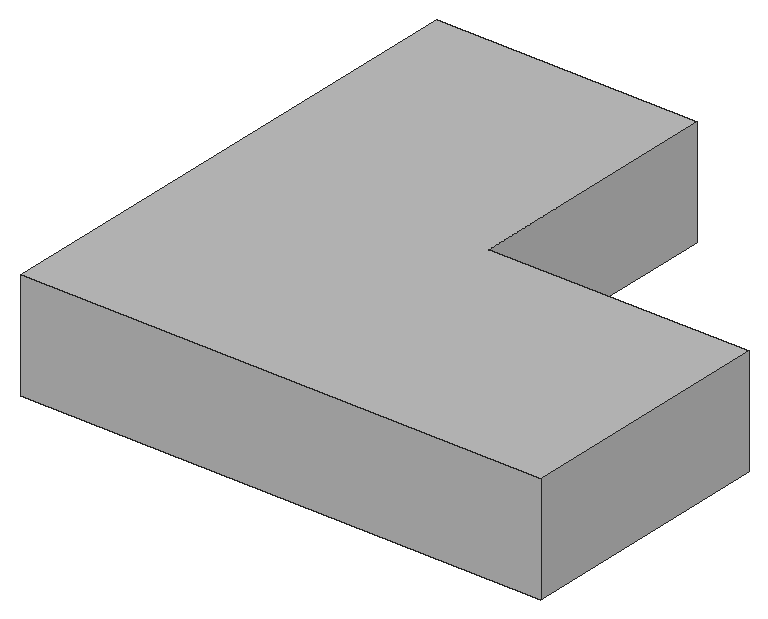
Revit family "FT211-Footing-Rectangular_void test", category Structural Foundations, Revit 2022
Family settings
  Material for Model Behavior = Concrete
  Cap = No
  Work Plane-Based = No
  Always vertical = Yes
  Cut with Voids When Loaded = No
  Shared = No
Parameters (values of type "FT211_2400x2400x500")
  Width = 2400 mm
  Top bar = "D25@300"
  Structural Material [instance] = A03AC032-00007_Structural Concrete_Type1_25MPa-30Mpa
  Length = 2400 mm
  Foundation Thickness = 500 mm
  Description = "UG Shallow Foundation"
  Bottom bar = "D20@300"
  Assembly Code = ""
Types (2, lengths in mm): name | Width | Length
  FT211_2400x2400x500 | 2400 | 2400
  FT211_10000x10000x500_test | 10000 | 10000
Reference planes
  plane 1 "중심(앞/뒤)": y = 0
  plane 2: z = 0
  plane 3 "중심(왼쪽/오른쪽)": x = 0
  plane 4: x = -1200
  plane 5: x = 1200
  plane 6: y = 1200
  plane 7: y = -1200
Forms (mm)
  Extrusion 1, solid, material "A03AC032-00007_Structural Concrete_Type1_25MPa-30Mpa" <- "Structural Material"
    sketch origin (0, 0, 0) x (1, 0, 0) y (0, 1, 0)
      loop
        line (-1200, 1200) -> (-1200, -1200) -> (1200, -1200) -> (1200, 1200) -> (-1200, 1200)
    from -500 to 0
  Extrusion 2, void
    sketch origin (0, 0, 0) x (1, 0, 0) y (0, 1, 0)
      loop
        line (0, 1200) -> (0, 0) -> (1200, 0) -> (1200, 1200) -> (0, 1200)
    from -500 to 0
Cuts and joins
  Extrusion 2 cuts Extrusion 1
Dimensions and locks
  "Foundation Thickness": plane 2 to Extrusion 1
  "Width": plane 4 to plane 5
  "Length": plane 6 to plane 7
  equal spacing: plane 6, plane 1 "중심(앞/뒤)", plane 7
  equal spacing: plane 4, plane 3 "중심(왼쪽/오른쪽)", plane 5
  aligned and locked: plane 4 to Extrusion 1 sketch curve
  aligned and locked: Extrusion 1 sketch curve to plane 5
  aligned and locked: Extrusion 1 sketch curve to plane 6
  aligned and locked: Extrusion 1 sketch curve to plane 7
  aligned and locked: level to Extrusion 1
  aligned and locked: Extrusion 2 sketch curve to plane 6
  aligned and locked: Extrusion 2 sketch curve to plane 5
  aligned and locked: Extrusion 2 sketch curve to plane 1 "중심(앞/뒤)"
  aligned and locked: plane 3 "중심(왼쪽/오른쪽)" to Extrusion 2 sketch curve
  aligned and locked: Extrusion 2 to Extrusion 1  (x2)
